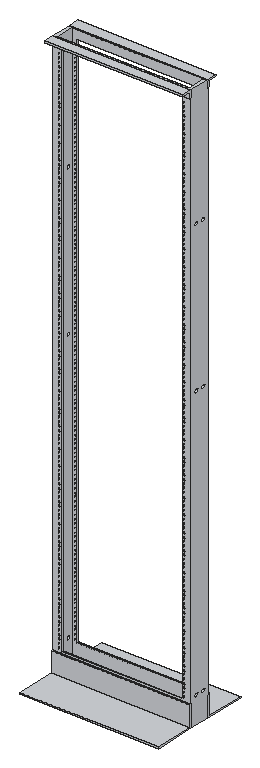
Revit family
Parameters
  Material ID = "760090118"
  Description = "3 IN (76 MM) CHANNEL x 7 FT (2134 MM) H - 19 IN (482.6 MM) STEEL EQUIPMENT RACK(45U) 3/8 SQ PUNCH, BLACK \r\n"
Reference planes (in)
  plane 1 "Center (Front/Back)": y = 0
  plane 2: z = 0
  plane 3 "Center (Left/Right)": x = 0
Forms (in)
  Extrusion 1, solid, not visible
    sketch origin (0, -14.305, 0) x (1, 0, 0) y (0, 0, 1)
      loop
        line (-8.5516, 0.86) -> (-8.5516, 0.46) -> (-7.9516, 0.46) -> (-7.9516, 0.86) -> (-8.5516, 0.86)
    from 0 to 0.77696
  Extrusion 2, solid
    sketch origin (0, 0, 0) x (1, 0, 0) y (0, 0, 1)
      loop
        line (-10.155, 30) -> (-10.155, -54) -> (10.155, -54) -> (10.155, 30) -> (0, 30) -> (-10.155, 30)
    from 0 to 36
  Extrusion 3, void
    sketch origin (0, 0, 0) x (1, 0, 0) y (0, 0, 1)
      loop
        line (-8.905, 28.735) -> (-8.905, -50.62) -> (8.905, -50.62) -> (8.905, 28.735) -> (-8.905, 28.735)
    from 0 to 36
  Extrusion 4, void
    sketch origin (0, 0, 0) x (0, 1, 0) y (0, 0, 1)
      loop
        line (-3, 32.8) -> (-38, 32.8) -> (-38, -58.24657) -> (-3, -58.24657) -> (-3, 32.8)
    from -31.70377 to 25
  Extrusion 5, void
    sketch origin (0, 0, 0) x (0, 1, 0) y (0, 0, 1)
      loop
        line (-0.2, 59.72052) -> (-2.8, 59.72052) -> (-2.8, -66.46573) -> (-0.2, -66.46573) -> (-0.2, 59.72052)
    from -9.61605 to 9.71756
  Extrusion 6, solid
    sketch origin (0, 0, -24) x (0, 1, 0) y (0, 0, 1)
      loop
        line (-3, -30) -> (-3, -26.8) -> (-3.2, -26.8) -> (-3.2, -29.8) -> (-9, -29.8) -> (-9, -30) -> (-3, -30)
      loop
        line (-3, 54) -> (-4.575, 54) -> (-4.575, 53.8) -> (-3.2, 53.8) -> (-3.2, 52.94396) -> (-3, 52.94396) -> (-3, 54)
      loop
        line (0, 54) -> (0, 52.94396) -> (0.2, 52.94396) -> (0.2, 53.8) -> (1.575, 53.8) -> (1.575, 54) -> (0, 54)
      loop
        line (0, -30) -> (6, -30) -> (6, -29.8) -> (0.2, -29.8) -> (0.2, -26.8) -> (0, -26.8) -> (0, -30)
    from -10.155 to 10.155
  Extrusion 7, void
    sketch origin (0, 0, 0) x (0, 1, 0) y (0, 0, 1)
      loop
        circle (-33.875, -50) r 0.335
      loop
        circle (-35.125, -50) r 0.335
      loop
        circle (-33.875, -10) r 0.335
      loop
        circle (-35.125, -10) r 0.335
      loop
        circle (-33.875, 12) r 0.335
      loop
        circle (-35.125, 12) r 0.335
      loop
        circle (-33.875, 51) r 0.335
      loop
        circle (-35.125, 51) r 0.335
      loop
        circle (-0.875, -50) r 0.335
      loop
        circle (-2.125, -50) r 0.335
      loop
        circle (-0.875, -10) r 0.335
      loop
        circle (-2.125, -10) r 0.335
      loop
        circle (-0.875, 12) r 0.335
      loop
        circle (-2.125, 12) r 0.335
      loop
        circle (-0.875, 51) r 0.335
      loop
        circle (-2.125, 51) r 0.335
    from -24.88707 to 25.18322
  Extrusion 8, void
    sketch origin (0, 0, -24.5) x (1, 0, 0) y (0, 0, 1)
      loop
        line (-9.175, 52.604) -> (-9.264, 52.604) -> (-9.264, 52.515) -> (-9.264, 52.426) -> (-9.175, 52.426) -> (-9.086, 52.426) -> (-9.086, 52.604) -> (-9.175, 52.604)
      loop
        line (-9.175, 51.979) -> (-9.264, 51.979) -> (-9.264, 51.89) -> (-9.264, 51.801) -> (-9.175, 51.801) -> (-9.086, 51.801) -> (-9.086, 51.979) -> (-9.175, 51.979)
      loop
        line (-9.175, 51.354) -> (-9.264, 51.354) -> (-9.264, 51.265) -> (-9.264, 51.176) -> (-9.175, 51.176) -> (-9.086, 51.176) -> (-9.086, 51.354) -> (-9.175, 51.354)
      loop
        line (9.175, 52.604) -> (9.086, 52.604) -> (9.086, 52.426) -> (9.175, 52.426) -> (9.264, 52.426) -> (9.264, 52.515) -> (9.264, 52.604) -> (9.175, 52.604)
      loop
        line (9.175, 51.979) -> (9.086, 51.979) -> (9.086, 51.801) -> (9.175, 51.801) -> (9.264, 51.801) -> (9.264, 51.89) -> (9.264, 51.979) -> (9.175, 51.979)
      loop
        line (9.175, 51.354) -> (9.086, 51.354) -> (9.086, 51.176) -> (9.175, 51.176) -> (9.264, 51.176) -> (9.264, 51.265) -> (9.264, 51.354) -> (9.175, 51.354)
    from 0 to 36
  Extrusion 9, void
    sketch origin (0, 0, -28) x (1, 0, 0) y (0, 0, 1)
      loop
        circle (-9.175, 52.515) r 0.089
      loop
        circle (-9.175, 51.89) r 0.089
      loop
        circle (-9.175, 51.265) r 0.089
      loop
        circle (9.175, 52.515) r 0.089
      loop
        circle (9.175, 51.89) r 0.089
      loop
        circle (9.175, 51.265) r 0.089
    from 0 to 36
  Extrusion 10, void
    sketch origin (0, 0, -29.75) x (1, 0, 0) y (0, 0, 1)
      loop
        circle (-9.175, 52.515) r 0.089
      loop
        circle (-9.175, 51.89) r 0.089
      loop
        circle (-9.175, 51.265) r 0.089
      loop
        circle (9.175, 52.515) r 0.089
      loop
        circle (9.175, 51.89) r 0.089
      loop
        circle (9.175, 51.265) r 0.089
    from 0 to 36
  Extrusion 11, void
    sketch origin (0, 0, -31.5) x (1, 0, 0) y (0, 0, 1)
      loop
        circle (-9.175, 52.515) r 0.089
      loop
        circle (-9.175, 51.89) r 0.089
      loop
        circle (-9.175, 51.265) r 0.089
      loop
        circle (9.175, 52.515) r 0.089
      loop
        circle (9.175, 51.89) r 0.089
      loop
        circle (9.175, 51.265) r 0.089
    from 0 to 36
  Extrusion 12, void
    sketch origin (0, 0, -33.25) x (1, 0, 0) y (0, 0, 1)
      loop
        circle (-9.175, 52.515) r 0.089
      loop
        circle (-9.175, 51.89) r 0.089
      loop
        circle (-9.175, 51.265) r 0.089
      loop
        circle (9.175, 52.515) r 0.089
      loop
        circle (9.175, 51.89) r 0.089
      loop
        circle (9.175, 51.265) r 0.089
    from 0 to 36
  Extrusion 13, void
    sketch origin (0, 0, -35) x (1, 0, 0) y (0, 0, 1)
      loop
        circle (-9.175, 52.515) r 0.089
      loop
        circle (-9.175, 51.89) r 0.089
      loop
        circle (-9.175, 51.265) r 0.089
      loop
        circle (9.175, 52.515) r 0.089
      loop
        circle (9.175, 51.89) r 0.089
      loop
        circle (9.175, 51.265) r 0.089
    from 0 to 36
  Extrusion 14, void
    sketch origin (0, 0, -36.75) x (1, 0, 0) y (0, 0, 1)
      loop
        circle (-9.175, 52.515) r 0.089
      loop
        circle (-9.175, 51.89) r 0.089
      loop
        circle (-9.175, 51.265) r 0.089
      loop
        circle (9.175, 52.515) r 0.089
      loop
        circle (9.175, 51.89) r 0.089
      loop
        circle (9.175, 51.265) r 0.089
    from 0 to 36
  Extrusion 15, void
    sketch origin (0, 0, -38.5) x (1, 0, 0) y (0, 0, 1)
      loop
        circle (-9.175, 52.515) r 0.089
      loop
        circle (-9.175, 51.89) r 0.089
      loop
        circle (-9.175, 51.265) r 0.089
      loop
        circle (9.175, 52.515) r 0.089
      loop
        circle (9.175, 51.89) r 0.089
      loop
        circle (9.175, 51.265) r 0.089
    from 0 to 36
  Extrusion 16, void
    sketch origin (0, 0, -40.25) x (1, 0, 0) y (0, 0, 1)
      loop
        circle (-9.175, 52.515) r 0.089
      loop
        circle (-9.175, 51.89) r 0.089
      loop
        circle (-9.175, 51.265) r 0.089
      loop
        circle (9.175, 52.515) r 0.089
      loop
        circle (9.175, 51.89) r 0.089
      loop
        circle (9.175, 51.265) r 0.089
    from 0 to 36
  Extrusion 17, void
    sketch origin (0, 0, -42) x (1, 0, 0) y (0, 0, 1)
      loop
        circle (-9.175, 52.515) r 0.089
      loop
        circle (-9.175, 51.89) r 0.089
      loop
        circle (-9.175, 51.265) r 0.089
      loop
        circle (9.175, 52.515) r 0.089
      loop
        circle (9.175, 51.89) r 0.089
      loop
        circle (9.175, 51.265) r 0.089
    from 0 to 36
  Extrusion 18, void
    sketch origin (0, 0, -43.75) x (1, 0, 0) y (0, 0, 1)
      loop
        circle (-9.175, 52.515) r 0.089
      loop
        circle (-9.175, 51.89) r 0.089
      loop
        circle (-9.175, 51.265) r 0.089
      loop
        circle (9.175, 52.515) r 0.089
      loop
        circle (9.175, 51.89) r 0.089
      loop
        circle (9.175, 51.265) r 0.089
    from 0 to 36
  Extrusion 19, void
    sketch origin (0, 0, -45.5) x (1, 0, 0) y (0, 0, 1)
      loop
        circle (-9.175, 52.515) r 0.089
      loop
        circle (-9.175, 51.89) r 0.089
      loop
        circle (-9.175, 51.265) r 0.089
      loop
        circle (9.175, 52.515) r 0.089
      loop
        circle (9.175, 51.89) r 0.089
      loop
        circle (9.175, 51.265) r 0.089
    from 0 to 36
  Extrusion 20, void
    sketch origin (0, 0, -47.25) x (1, 0, 0) y (0, 0, 1)
      loop
        circle (-9.175, 52.515) r 0.089
      loop
        circle (-9.175, 51.89) r 0.089
      loop
        circle (-9.175, 51.265) r 0.089
      loop
        circle (9.175, 52.515) r 0.089
      loop
        circle (9.175, 51.89) r 0.089
      loop
        circle (9.175, 51.265) r 0.089
    from 0 to 36
  Extrusion 21, void
    sketch origin (0, 0, -49) x (1, 0, 0) y (0, 0, 1)
      loop
        circle (-9.175, 52.515) r 0.089
      loop
        circle (-9.175, 51.89) r 0.089
      loop
        circle (-9.175, 51.265) r 0.089
      loop
        circle (9.175, 52.515) r 0.089
      loop
        circle (9.175, 51.89) r 0.089
      loop
        circle (9.175, 51.265) r 0.089
    from 0 to 36
  Extrusion 22, void
    sketch origin (0, 0, -50.75) x (1, 0, 0) y (0, 0, 1)
      loop
        circle (-9.175, 52.515) r 0.089
      loop
        circle (-9.175, 51.89) r 0.089
      loop
        circle (-9.175, 51.265) r 0.089
      loop
        circle (9.175, 52.515) r 0.089
      loop
        circle (9.175, 51.89) r 0.089
      loop
        circle (9.175, 51.265) r 0.089
    from 0 to 36
  Extrusion 23, void
    sketch origin (0, 0, -52.5) x (1, 0, 0) y (0, 0, 1)
      loop
        circle (-9.175, 52.515) r 0.089
      loop
        circle (-9.175, 51.89) r 0.089
      loop
        circle (-9.175, 51.265) r 0.089
      loop
        circle (9.175, 52.515) r 0.089
      loop
        circle (9.175, 51.89) r 0.089
      loop
        circle (9.175, 51.265) r 0.089
    from 0 to 36
  Extrusion 24, void
    sketch origin (0, 0, -54.25) x (1, 0, 0) y (0, 0, 1)
      loop
        circle (-9.175, 52.515) r 0.089
      loop
        circle (-9.175, 51.89) r 0.089
      loop
        circle (-9.175, 51.265) r 0.089
      loop
        circle (9.175, 52.515) r 0.089
      loop
        circle (9.175, 51.89) r 0.089
      loop
        circle (9.175, 51.265) r 0.089
    from 0 to 36
  Extrusion 25, void
    sketch origin (0, 0, -56) x (1, 0, 0) y (0, 0, 1)
      loop
        circle (-9.175, 52.515) r 0.089
      loop
        circle (-9.175, 51.89) r 0.089
      loop
        circle (-9.175, 51.265) r 0.089
      loop
        circle (9.175, 52.515) r 0.089
      loop
        circle (9.175, 51.89) r 0.089
      loop
        circle (9.175, 51.265) r 0.089
    from 0 to 36
  Extrusion 26, void
    sketch origin (0, 0, -57.75) x (1, 0, 0) y (0, 0, 1)
      loop
        circle (-9.175, 52.515) r 0.089
      loop
        circle (-9.175, 51.89) r 0.089
      loop
        circle (-9.175, 51.265) r 0.089
      loop
        circle (9.175, 52.515) r 0.089
      loop
        circle (9.175, 51.89) r 0.089
      loop
        circle (9.175, 51.265) r 0.089
    from 0 to 36
  Extrusion 27, void
    sketch origin (0, 0, -59.5) x (1, 0, 0) y (0, 0, 1)
      loop
        circle (-9.175, 52.515) r 0.089
      loop
        circle (-9.175, 51.89) r 0.089
      loop
        circle (-9.175, 51.265) r 0.089
      loop
        circle (9.175, 52.515) r 0.089
      loop
        circle (9.175, 51.89) r 0.089
      loop
        circle (9.175, 51.265) r 0.089
    from 0 to 36
  Extrusion 28, void
    sketch origin (0, 0, -61.25) x (1, 0, 0) y (0, 0, 1)
      loop
        circle (-9.175, 52.515) r 0.089
      loop
        circle (-9.175, 51.89) r 0.089
      loop
        circle (-9.175, 51.265) r 0.089
      loop
        circle (9.175, 52.515) r 0.089
      loop
        circle (9.175, 51.89) r 0.089
      loop
        circle (9.175, 51.265) r 0.089
    from 0 to 36
  Extrusion 29, void
    sketch origin (0, 0, -63) x (1, 0, 0) y (0, 0, 1)
      loop
        circle (-9.175, 52.515) r 0.089
      loop
        circle (-9.175, 51.89) r 0.089
      loop
        circle (-9.175, 51.265) r 0.089
      loop
        circle (9.175, 52.515) r 0.089
      loop
        circle (9.175, 51.89) r 0.089
      loop
        circle (9.175, 51.265) r 0.089
    from 0 to 36
  Extrusion 30, void
    sketch origin (0, 0, -64.75) x (1, 0, 0) y (0, 0, 1)
      loop
        circle (-9.175, 52.515) r 0.089
      loop
        circle (-9.175, 51.89) r 0.089
      loop
        circle (-9.175, 51.265) r 0.089
      loop
        circle (9.175, 52.515) r 0.089
      loop
        circle (9.175, 51.89) r 0.089
      loop
        circle (9.175, 51.265) r 0.089
    from 0 to 36
  Extrusion 31, void
    sketch origin (0, 0, -66.5) x (1, 0, 0) y (0, 0, 1)
      loop
        circle (-9.175, 52.515) r 0.089
      loop
        circle (-9.175, 51.89) r 0.089
      loop
        circle (-9.175, 51.265) r 0.089
      loop
        circle (9.175, 52.515) r 0.089
      loop
        circle (9.175, 51.89) r 0.089
      loop
        circle (9.175, 51.265) r 0.089
    from 0 to 36
  Extrusion 32, void
    sketch origin (0, 0, -68.25) x (1, 0, 0) y (0, 0, 1)
      loop
        circle (-9.175, 52.515) r 0.089
      loop
        circle (-9.175, 51.89) r 0.089
      loop
        circle (-9.175, 51.265) r 0.089
      loop
        circle (9.175, 52.515) r 0.089
      loop
        circle (9.175, 51.89) r 0.089
      loop
        circle (9.175, 51.265) r 0.089
    from 0 to 36
  Extrusion 33, void
    sketch origin (0, 0, -70) x (1, 0, 0) y (0, 0, 1)
      loop
        circle (-9.175, 52.515) r 0.089
      loop
        circle (-9.175, 51.89) r 0.089
      loop
        circle (-9.175, 51.265) r 0.089
      loop
        circle (9.175, 52.515) r 0.089
      loop
        circle (9.175, 51.89) r 0.089
      loop
        circle (9.175, 51.265) r 0.089
    from 0 to 36
  Extrusion 34, void
    sketch origin (0, 0, -71.75) x (1, 0, 0) y (0, 0, 1)
      loop
        circle (-9.175, 52.515) r 0.089
      loop
        circle (-9.175, 51.89) r 0.089
      loop
        circle (-9.175, 51.265) r 0.089
      loop
        circle (9.175, 52.515) r 0.089
      loop
        circle (9.175, 51.89) r 0.089
      loop
        circle (9.175, 51.265) r 0.089
    from 0 to 36
  Extrusion 35, void
    sketch origin (0, 0, -73.5) x (1, 0, 0) y (0, 0, 1)
      loop
        circle (-9.175, 52.515) r 0.089
      loop
        circle (-9.175, 51.89) r 0.089
      loop
        circle (-9.175, 51.265) r 0.089
      loop
        circle (9.175, 52.515) r 0.089
      loop
        circle (9.175, 51.89) r 0.089
      loop
        circle (9.175, 51.265) r 0.089
    from 0 to 36
  Extrusion 36, void
    sketch origin (0, 0, -75.25) x (1, 0, 0) y (0, 0, 1)
      loop
        circle (-9.175, 52.515) r 0.089
      loop
        circle (-9.175, 51.89) r 0.089
      loop
        circle (-9.175, 51.265) r 0.089
      loop
        circle (9.175, 52.515) r 0.089
      loop
        circle (9.175, 51.89) r 0.089
      loop
        circle (9.175, 51.265) r 0.089
    from 0 to 36
  Extrusion 37, void
    sketch origin (0, 0, -77) x (1, 0, 0) y (0, 0, 1)
      loop
        circle (-9.175, 52.515) r 0.089
      loop
        circle (-9.175, 51.89) r 0.089
      loop
        circle (-9.175, 51.265) r 0.089
      loop
        circle (9.175, 52.515) r 0.089
      loop
        circle (9.175, 51.89) r 0.089
      loop
        circle (9.175, 51.265) r 0.089
    from 0 to 36
  Extrusion 38, void
    sketch origin (0, 0, -78.75) x (1, 0, 0) y (0, 0, 1)
      loop
        circle (-9.175, 52.515) r 0.089
      loop
        circle (-9.175, 51.89) r 0.089
      loop
        circle (-9.175, 51.265) r 0.089
      loop
        circle (9.175, 52.515) r 0.089
      loop
        circle (9.175, 51.89) r 0.089
      loop
        circle (9.175, 51.265) r 0.089
    from 0 to 36
  Extrusion 39, void
    sketch origin (0, 0, -80.5) x (1, 0, 0) y (0, 0, 1)
      loop
        circle (-9.175, 52.515) r 0.089
      loop
        circle (-9.175, 51.89) r 0.089
      loop
        circle (-9.175, 51.265) r 0.089
      loop
        circle (9.175, 52.515) r 0.089
      loop
        circle (9.175, 51.89) r 0.089
      loop
        circle (9.175, 51.265) r 0.089
    from 0 to 36
  Extrusion 40, void
    sketch origin (0, 0, -82.25) x (1, 0, 0) y (0, 0, 1)
      loop
        circle (-9.175, 52.515) r 0.089
      loop
        circle (-9.175, 51.89) r 0.089
      loop
        circle (-9.175, 51.265) r 0.089
      loop
        circle (9.175, 52.515) r 0.089
      loop
        circle (9.175, 51.89) r 0.089
      loop
        circle (9.175, 51.265) r 0.089
    from 0 to 36
  Extrusion 41, void
    sketch origin (0, 0, -84) x (1, 0, 0) y (0, 0, 1)
      loop
        circle (-9.175, 52.515) r 0.089
      loop
        circle (-9.175, 51.89) r 0.089
      loop
        circle (-9.175, 51.265) r 0.089
      loop
        circle (9.175, 52.515) r 0.089
      loop
        circle (9.175, 51.89) r 0.089
      loop
        circle (9.175, 51.265) r 0.089
    from 0 to 36
  Extrusion 42, void
    sketch origin (0, 0, -85.75) x (1, 0, 0) y (0, 0, 1)
      loop
        circle (-9.175, 52.515) r 0.089
      loop
        circle (-9.175, 51.89) r 0.089
      loop
        circle (-9.175, 51.265) r 0.089
      loop
        circle (9.175, 52.515) r 0.089
      loop
        circle (9.175, 51.89) r 0.089
      loop
        circle (9.175, 51.265) r 0.089
    from 0 to 36
  Extrusion 43, void
    sketch origin (0, 0, -87.5) x (1, 0, 0) y (0, 0, 1)
      loop
        circle (-9.175, 52.515) r 0.089
      loop
        circle (-9.175, 51.89) r 0.089
      loop
        circle (-9.175, 51.265) r 0.089
      loop
        circle (9.175, 52.515) r 0.089
      loop
        circle (9.175, 51.89) r 0.089
      loop
        circle (9.175, 51.265) r 0.089
    from 0 to 36
  Extrusion 44, void
    sketch origin (0, 0, -89.25) x (1, 0, 0) y (0, 0, 1)
      loop
        circle (-9.175, 52.515) r 0.089
      loop
        circle (-9.175, 51.89) r 0.089
      loop
        circle (-9.175, 51.265) r 0.089
      loop
        circle (9.175, 52.515) r 0.089
      loop
        circle (9.175, 51.89) r 0.089
      loop
        circle (9.175, 51.265) r 0.089
    from 0 to 36
  Extrusion 45, void
    sketch origin (0, 0, -91) x (1, 0, 0) y (0, 0, 1)
      loop
        circle (-9.175, 52.515) r 0.089
      loop
        circle (-9.175, 51.89) r 0.089
      loop
        circle (-9.175, 51.265) r 0.089
      loop
        circle (9.175, 52.515) r 0.089
      loop
        circle (9.175, 51.89) r 0.089
      loop
        circle (9.175, 51.265) r 0.089
    from 0 to 36
  Extrusion 46, void
    sketch origin (0, 0, -92.75) x (1, 0, 0) y (0, 0, 1)
      loop
        circle (-9.175, 52.515) r 0.089
      loop
        circle (-9.175, 51.89) r 0.089
      loop
        circle (-9.175, 51.265) r 0.089
      loop
        circle (9.175, 52.515) r 0.089
      loop
        circle (9.175, 51.89) r 0.089
      loop
        circle (9.175, 51.265) r 0.089
    from 0 to 36
  Extrusion 47, void
    sketch origin (0, 0, -94.5) x (1, 0, 0) y (0, 0, 1)
      loop
        circle (-9.175, 52.515) r 0.089
      loop
        circle (-9.175, 51.89) r 0.089
      loop
        circle (-9.175, 51.265) r 0.089
      loop
        circle (9.175, 52.515) r 0.089
      loop
        circle (9.175, 51.89) r 0.089
      loop
        circle (9.175, 51.265) r 0.089
    from 0 to 36
  Extrusion 48, void
    sketch origin (0, 0, -96.25) x (1, 0, 0) y (0, 0, 1)
      loop
        circle (-9.175, 52.515) r 0.089
      loop
        circle (-9.175, 51.89) r 0.089
      loop
        circle (-9.175, 51.265) r 0.089
      loop
        circle (9.175, 52.515) r 0.089
      loop
        circle (9.175, 51.89) r 0.089
      loop
        circle (9.175, 51.265) r 0.089
    from 0 to 36
  Extrusion 49, void
    sketch origin (0, 0, -98) x (1, 0, 0) y (0, 0, 1)
      loop
        circle (-9.175, 52.515) r 0.089
      loop
        circle (-9.175, 51.89) r 0.089
      loop
        circle (-9.175, 51.265) r 0.089
      loop
        circle (9.175, 52.515) r 0.089
      loop
        circle (9.175, 51.89) r 0.089
      loop
        circle (9.175, 51.265) r 0.089
    from 0 to 36
  Extrusion 50, void
    sketch origin (0, 0, -99.75) x (1, 0, 0) y (0, 0, 1)
      loop
        circle (-9.175, 52.515) r 0.089
      loop
        circle (-9.175, 51.89) r 0.089
      loop
        circle (-9.175, 51.265) r 0.089
      loop
        circle (9.175, 52.515) r 0.089
      loop
        circle (9.175, 51.89) r 0.089
      loop
        circle (9.175, 51.265) r 0.089
    from 0 to 36
  Extrusion 51, void
    sketch origin (0, 0, -101.5) x (1, 0, 0) y (0, 0, 1)
      loop
        circle (-9.175, 52.515) r 0.089
      loop
        circle (-9.175, 51.89) r 0.089
      loop
        circle (-9.175, 51.265) r 0.089
      loop
        circle (9.175, 52.515) r 0.089
      loop
        circle (9.175, 51.89) r 0.089
      loop
        circle (9.175, 51.265) r 0.089
    from 0 to 36
  Extrusion 52, void
    sketch origin (0, 0, -26.25) x (1, 0, 0) y (0, 0, 1)
      loop
        line (-9.175, 52.604) -> (-9.264, 52.604) -> (-9.264, 52.515) -> (-9.264, 52.426) -> (-9.175, 52.426) -> (-9.086, 52.426) -> (-9.086, 52.604) -> (-9.175, 52.604)
      loop
        line (-9.175, 51.979) -> (-9.264, 51.979) -> (-9.264, 51.89) -> (-9.264, 51.801) -> (-9.175, 51.801) -> (-9.086, 51.801) -> (-9.086, 51.979) -> (-9.175, 51.979)
      loop
        line (-9.175, 51.354) -> (-9.264, 51.354) -> (-9.264, 51.265) -> (-9.264, 51.176) -> (-9.175, 51.176) -> (-9.086, 51.176) -> (-9.086, 51.354) -> (-9.175, 51.354)
      loop
        line (9.175, 52.604) -> (9.086, 52.604) -> (9.086, 52.426) -> (9.175, 52.426) -> (9.264, 52.426) -> (9.264, 52.515) -> (9.264, 52.604) -> (9.175, 52.604)
      loop
        line (9.175, 51.979) -> (9.086, 51.979) -> (9.086, 51.801) -> (9.175, 51.801) -> (9.264, 51.801) -> (9.264, 51.89) -> (9.264, 51.979) -> (9.175, 51.979)
      loop
        line (9.175, 51.354) -> (9.086, 51.354) -> (9.086, 51.176) -> (9.175, 51.176) -> (9.264, 51.176) -> (9.264, 51.265) -> (9.264, 51.354) -> (9.175, 51.354)
    from 0 to 36
  Extrusion 53, void
    sketch origin (0, 0, -28) x (1, 0, 0) y (0, 0, 1)
      loop
        line (-9.175, 52.604) -> (-9.264, 52.604) -> (-9.264, 52.515) -> (-9.264, 52.426) -> (-9.175, 52.426) -> (-9.086, 52.426) -> (-9.086, 52.604) -> (-9.175, 52.604)
      loop
        line (-9.175, 51.979) -> (-9.264, 51.979) -> (-9.264, 51.89) -> (-9.264, 51.801) -> (-9.175, 51.801) -> (-9.086, 51.801) -> (-9.086, 51.979) -> (-9.175, 51.979)
      loop
        line (-9.175, 51.354) -> (-9.264, 51.354) -> (-9.264, 51.265) -> (-9.264, 51.176) -> (-9.175, 51.176) -> (-9.086, 51.176) -> (-9.086, 51.354) -> (-9.175, 51.354)
      loop
        line (9.175, 52.604) -> (9.086, 52.604) -> (9.086, 52.426) -> (9.175, 52.426) -> (9.264, 52.426) -> (9.264, 52.515) -> (9.264, 52.604) -> (9.175, 52.604)
      loop
        line (9.175, 51.979) -> (9.086, 51.979) -> (9.086, 51.801) -> (9.175, 51.801) -> (9.264, 51.801) -> (9.264, 51.89) -> (9.264, 51.979) -> (9.175, 51.979)
      loop
        line (9.175, 51.354) -> (9.086, 51.354) -> (9.086, 51.176) -> (9.175, 51.176) -> (9.264, 51.176) -> (9.264, 51.265) -> (9.264, 51.354) -> (9.175, 51.354)
    from 0 to 36
  Extrusion 54, void
    sketch origin (0, 0, -29.75) x (1, 0, 0) y (0, 0, 1)
      loop
        line (-9.175, 52.604) -> (-9.264, 52.604) -> (-9.264, 52.515) -> (-9.264, 52.426) -> (-9.175, 52.426) -> (-9.086, 52.426) -> (-9.086, 52.604) -> (-9.175, 52.604)
      loop
        line (-9.175, 51.979) -> (-9.264, 51.979) -> (-9.264, 51.89) -> (-9.264, 51.801) -> (-9.175, 51.801) -> (-9.086, 51.801) -> (-9.086, 51.979) -> (-9.175, 51.979)
      loop
        line (-9.175, 51.354) -> (-9.264, 51.354) -> (-9.264, 51.265) -> (-9.264, 51.176) -> (-9.175, 51.176) -> (-9.086, 51.176) -> (-9.086, 51.354) -> (-9.175, 51.354)
      loop
        line (9.175, 52.604) -> (9.086, 52.604) -> (9.086, 52.426) -> (9.175, 52.426) -> (9.264, 52.426) -> (9.264, 52.515) -> (9.264, 52.604) -> (9.175, 52.604)
      loop
        line (9.175, 51.979) -> (9.086, 51.979) -> (9.086, 51.801) -> (9.175, 51.801) -> (9.264, 51.801) -> (9.264, 51.89) -> (9.264, 51.979) -> (9.175, 51.979)
      loop
        line (9.175, 51.354) -> (9.086, 51.354) -> (9.086, 51.176) -> (9.175, 51.176) -> (9.264, 51.176) -> (9.264, 51.265) -> (9.264, 51.354) -> (9.175, 51.354)
    from 0 to 36
  Extrusion 55, void
    sketch origin (0, 0, -31.5) x (1, 0, 0) y (0, 0, 1)
      loop
        line (-9.175, 52.604) -> (-9.264, 52.604) -> (-9.264, 52.515) -> (-9.264, 52.426) -> (-9.175, 52.426) -> (-9.086, 52.426) -> (-9.086, 52.604) -> (-9.175, 52.604)
      loop
        line (-9.175, 51.979) -> (-9.264, 51.979) -> (-9.264, 51.89) -> (-9.264, 51.801) -> (-9.175, 51.801) -> (-9.086, 51.801) -> (-9.086, 51.979) -> (-9.175, 51.979)
      loop
        line (-9.175, 51.354) -> (-9.264, 51.354) -> (-9.264, 51.265) -> (-9.264, 51.176) -> (-9.175, 51.176) -> (-9.086, 51.176) -> (-9.086, 51.354) -> (-9.175, 51.354)
      loop
        line (9.175, 52.604) -> (9.086, 52.604) -> (9.086, 52.426) -> (9.175, 52.426) -> (9.264, 52.426) -> (9.264, 52.515) -> (9.264, 52.604) -> (9.175, 52.604)
      loop
        line (9.175, 51.979) -> (9.086, 51.979) -> (9.086, 51.801) -> (9.175, 51.801) -> (9.264, 51.801) -> (9.264, 51.89) -> (9.264, 51.979) -> (9.175, 51.979)
      loop
        line (9.175, 51.354) -> (9.086, 51.354) -> (9.086, 51.176) -> (9.175, 51.176) -> (9.264, 51.176) -> (9.264, 51.265) -> (9.264, 51.354) -> (9.175, 51.354)
    from 0 to 36
  Extrusion 56, void
    sketch origin (0, 0, -33.25) x (1, 0, 0) y (0, 0, 1)
      loop
        line (-9.175, 52.604) -> (-9.264, 52.604) -> (-9.264, 52.515) -> (-9.264, 52.426) -> (-9.175, 52.426) -> (-9.086, 52.426) -> (-9.086, 52.604) -> (-9.175, 52.604)
      loop
        line (-9.175, 51.979) -> (-9.264, 51.979) -> (-9.264, 51.89) -> (-9.264, 51.801) -> (-9.175, 51.801) -> (-9.086, 51.801) -> (-9.086, 51.979) -> (-9.175, 51.979)
      loop
        line (-9.175, 51.354) -> (-9.264, 51.354) -> (-9.264, 51.265) -> (-9.264, 51.176) -> (-9.175, 51.176) -> (-9.086, 51.176) -> (-9.086, 51.354) -> (-9.175, 51.354)
      loop
        line (9.175, 52.604) -> (9.086, 52.604) -> (9.086, 52.426) -> (9.175, 52.426) -> (9.264, 52.426) -> (9.264, 52.515) -> (9.264, 52.604) -> (9.175, 52.604)
      loop
        line (9.175, 51.979) -> (9.086, 51.979) -> (9.086, 51.801) -> (9.175, 51.801) -> (9.264, 51.801) -> (9.264, 51.89) -> (9.264, 51.979) -> (9.175, 51.979)
      loop
        line (9.175, 51.354) -> (9.086, 51.354) -> (9.086, 51.176) -> (9.175, 51.176) -> (9.264, 51.176) -> (9.264, 51.265) -> (9.264, 51.354) -> (9.175, 51.354)
    from 0 to 36
  Extrusion 57, void
    sketch origin (0, 0, -35) x (1, 0, 0) y (0, 0, 1)
      loop
        line (-9.175, 52.604) -> (-9.264, 52.604) -> (-9.264, 52.515) -> (-9.264, 52.426) -> (-9.175, 52.426) -> (-9.086, 52.426) -> (-9.086, 52.604) -> (-9.175, 52.604)
      loop
        line (-9.175, 51.979) -> (-9.264, 51.979) -> (-9.264, 51.89) -> (-9.264, 51.801) -> (-9.175, 51.801) -> (-9.086, 51.801) -> (-9.086, 51.979) -> (-9.175, 51.979)
      loop
        line (-9.175, 51.354) -> (-9.264, 51.354) -> (-9.264, 51.265) -> (-9.264, 51.176) -> (-9.175, 51.176) -> (-9.086, 51.176) -> (-9.086, 51.354) -> (-9.175, 51.354)
      loop
        line (9.175, 52.604) -> (9.086, 52.604) -> (9.086, 52.426) -> (9.175, 52.426) -> (9.264, 52.426) -> (9.264, 52.515) -> (9.264, 52.604) -> (9.175, 52.604)
      loop
        line (9.175, 51.979) -> (9.086, 51.979) -> (9.086, 51.801) -> (9.175, 51.801) -> (9.264, 51.801) -> (9.264, 51.89) -> (9.264, 51.979) -> (9.175, 51.979)
      loop
        line (9.175, 51.354) -> (9.086, 51.354) -> (9.086, 51.176) -> (9.175, 51.176) -> (9.264, 51.176) -> (9.264, 51.265) -> (9.264, 51.354) -> (9.175, 51.354)
    from 0 to 36
  Extrusion 58, void
    sketch origin (0, 0, -36.75) x (1, 0, 0) y (0, 0, 1)
      loop
        line (-9.175, 52.604) -> (-9.264, 52.604) -> (-9.264, 52.515) -> (-9.264, 52.426) -> (-9.175, 52.426) -> (-9.086, 52.426) -> (-9.086, 52.604) -> (-9.175, 52.604)
      loop
        line (-9.175, 51.979) -> (-9.264, 51.979) -> (-9.264, 51.89) -> (-9.264, 51.801) -> (-9.175, 51.801) -> (-9.086, 51.801) -> (-9.086, 51.979) -> (-9.175, 51.979)
      loop
        line (-9.175, 51.354) -> (-9.264, 51.354) -> (-9.264, 51.265) -> (-9.264, 51.176) -> (-9.175, 51.176) -> (-9.086, 51.176) -> (-9.086, 51.354) -> (-9.175, 51.354)
      loop
        line (9.175, 52.604) -> (9.086, 52.604) -> (9.086, 52.426) -> (9.175, 52.426) -> (9.264, 52.426) -> (9.264, 52.515) -> (9.264, 52.604) -> (9.175, 52.604)
      loop
        line (9.175, 51.979) -> (9.086, 51.979) -> (9.086, 51.801) -> (9.175, 51.801) -> (9.264, 51.801) -> (9.264, 51.89) -> (9.264, 51.979) -> (9.175, 51.979)
      loop
        line (9.175, 51.354) -> (9.086, 51.354) -> (9.086, 51.176) -> (9.175, 51.176) -> (9.264, 51.176) -> (9.264, 51.265) -> (9.264, 51.354) -> (9.175, 51.354)
    from 0 to 36
  Extrusion 59, void
    sketch origin (0, 0, -38.5) x (1, 0, 0) y (0, 0, 1)
      loop
        line (-9.175, 52.604) -> (-9.264, 52.604) -> (-9.264, 52.515) -> (-9.264, 52.426) -> (-9.175, 52.426) -> (-9.086, 52.426) -> (-9.086, 52.604) -> (-9.175, 52.604)
      loop
        line (-9.175, 51.979) -> (-9.264, 51.979) -> (-9.264, 51.89) -> (-9.264, 51.801) -> (-9.175, 51.801) -> (-9.086, 51.801) -> (-9.086, 51.979) -> (-9.175, 51.979)
      loop
        line (-9.175, 51.354) -> (-9.264, 51.354) -> (-9.264, 51.265) -> (-9.264, 51.176) -> (-9.175, 51.176) -> (-9.086, 51.176) -> (-9.086, 51.354) -> (-9.175, 51.354)
      loop
        line (9.175, 52.604) -> (9.086, 52.604) -> (9.086, 52.426) -> (9.175, 52.426) -> (9.264, 52.426) -> (9.264, 52.515) -> (9.264, 52.604) -> (9.175, 52.604)
      loop
        line (9.175, 51.979) -> (9.086, 51.979) -> (9.086, 51.801) -> (9.175, 51.801) -> (9.264, 51.801) -> (9.264, 51.89) -> (9.264, 51.979) -> (9.175, 51.979)
      loop
        line (9.175, 51.354) -> (9.086, 51.354) -> (9.086, 51.176) -> (9.175, 51.176) -> (9.264, 51.176) -> (9.264, 51.265) -> (9.264, 51.354) -> (9.175, 51.354)
    from 0 to 36
  Extrusion 60, void
    sketch origin (0, 0, -40.25) x (1, 0, 0) y (0, 0, 1)
      loop
        line (-9.175, 52.604) -> (-9.264, 52.604) -> (-9.264, 52.515) -> (-9.264, 52.426) -> (-9.175, 52.426) -> (-9.086, 52.426) -> (-9.086, 52.604) -> (-9.175, 52.604)
      loop
        line (-9.175, 51.979) -> (-9.264, 51.979) -> (-9.264, 51.89) -> (-9.264, 51.801) -> (-9.175, 51.801) -> (-9.086, 51.801) -> (-9.086, 51.979) -> (-9.175, 51.979)
      loop
        line (-9.175, 51.354) -> (-9.264, 51.354) -> (-9.264, 51.265) -> (-9.264, 51.176) -> (-9.175, 51.176) -> (-9.086, 51.176) -> (-9.086, 51.354) -> (-9.175, 51.354)
      loop
        line (9.175, 52.604) -> (9.086, 52.604) -> (9.086, 52.426) -> (9.175, 52.426) -> (9.264, 52.426) -> (9.264, 52.515) -> (9.264, 52.604) -> (9.175, 52.604)
      loop
        line (9.175, 51.979) -> (9.086, 51.979) -> (9.086, 51.801) -> (9.175, 51.801) -> (9.264, 51.801) -> (9.264, 51.89) -> (9.264, 51.979) -> (9.175, 51.979)
      loop
        line (9.175, 51.354) -> (9.086, 51.354) -> (9.086, 51.176) -> (9.175, 51.176) -> (9.264, 51.176) -> (9.264, 51.265) -> (9.264, 51.354) -> (9.175, 51.354)
    from 0 to 36
  Extrusion 61, void
    sketch origin (0, 0, -42) x (1, 0, 0) y (0, 0, 1)
      loop
        line (-9.175, 52.604) -> (-9.264, 52.604) -> (-9.264, 52.515) -> (-9.264, 52.426) -> (-9.175, 52.426) -> (-9.086, 52.426) -> (-9.086, 52.604) -> (-9.175, 52.604)
      loop
        line (-9.175, 51.979) -> (-9.264, 51.979) -> (-9.264, 51.89) -> (-9.264, 51.801) -> (-9.175, 51.801) -> (-9.086, 51.801) -> (-9.086, 51.979) -> (-9.175, 51.979)
      loop
        line (-9.175, 51.354) -> (-9.264, 51.354) -> (-9.264, 51.265) -> (-9.264, 51.176) -> (-9.175, 51.176) -> (-9.086, 51.176) -> (-9.086, 51.354) -> (-9.175, 51.354)
      loop
        line (9.175, 52.604) -> (9.086, 52.604) -> (9.086, 52.426) -> (9.175, 52.426) -> (9.264, 52.426) -> (9.264, 52.515) -> (9.264, 52.604) -> (9.175, 52.604)
      loop
        line (9.175, 51.979) -> (9.086, 51.979) -> (9.086, 51.801) -> (9.175, 51.801) -> (9.264, 51.801) -> (9.264, 51.89) -> (9.264, 51.979) -> (9.175, 51.979)
      loop
        line (9.175, 51.354) -> (9.086, 51.354) -> (9.086, 51.176) -> (9.175, 51.176) -> (9.264, 51.176) -> (9.264, 51.265) -> (9.264, 51.354) -> (9.175, 51.354)
    from 0 to 36
  Extrusion 62, void
    sketch origin (0, 0, -43.75) x (1, 0, 0) y (0, 0, 1)
      loop
        line (-9.175, 52.604) -> (-9.264, 52.604) -> (-9.264, 52.515) -> (-9.264, 52.426) -> (-9.175, 52.426) -> (-9.086, 52.426) -> (-9.086, 52.604) -> (-9.175, 52.604)
      loop
        line (-9.175, 51.979) -> (-9.264, 51.979) -> (-9.264, 51.89) -> (-9.264, 51.801) -> (-9.175, 51.801) -> (-9.086, 51.801) -> (-9.086, 51.979) -> (-9.175, 51.979)
      loop
        line (-9.175, 51.354) -> (-9.264, 51.354) -> (-9.264, 51.265) -> (-9.264, 51.176) -> (-9.175, 51.176) -> (-9.086, 51.176) -> (-9.086, 51.354) -> (-9.175, 51.354)
      loop
        line (9.175, 52.604) -> (9.086, 52.604) -> (9.086, 52.426) -> (9.175, 52.426) -> (9.264, 52.426) -> (9.264, 52.515) -> (9.264, 52.604) -> (9.175, 52.604)
      loop
        line (9.175, 51.979) -> (9.086, 51.979) -> (9.086, 51.801) -> (9.175, 51.801) -> (9.264, 51.801) -> (9.264, 51.89) -> (9.264, 51.979) -> (9.175, 51.979)
      loop
        line (9.175, 51.354) -> (9.086, 51.354) -> (9.086, 51.176) -> (9.175, 51.176) -> (9.264, 51.176) -> (9.264, 51.265) -> (9.264, 51.354) -> (9.175, 51.354)
    from 0 to 36
  Extrusion 63, void
    sketch origin (0, 0, -45.5) x (1, 0, 0) y (0, 0, 1)
      loop
        line (-9.175, 52.604) -> (-9.264, 52.604) -> (-9.264, 52.515) -> (-9.264, 52.426) -> (-9.175, 52.426) -> (-9.086, 52.426) -> (-9.086, 52.604) -> (-9.175, 52.604)
      loop
        line (-9.175, 51.979) -> (-9.264, 51.979) -> (-9.264, 51.89) -> (-9.264, 51.801) -> (-9.175, 51.801) -> (-9.086, 51.801) -> (-9.086, 51.979) -> (-9.175, 51.979)
      loop
        line (-9.175, 51.354) -> (-9.264, 51.354) -> (-9.264, 51.265) -> (-9.264, 51.176) -> (-9.175, 51.176) -> (-9.086, 51.176) -> (-9.086, 51.354) -> (-9.175, 51.354)
      loop
        line (9.175, 52.604) -> (9.086, 52.604) -> (9.086, 52.426) -> (9.175, 52.426) -> (9.264, 52.426) -> (9.264, 52.515) -> (9.264, 52.604) -> (9.175, 52.604)
      loop
        line (9.175, 51.979) -> (9.086, 51.979) -> (9.086, 51.801) -> (9.175, 51.801) -> (9.264, 51.801) -> (9.264, 51.89) -> (9.264, 51.979) -> (9.175, 51.979)
      loop
        line (9.175, 51.354) -> (9.086, 51.354) -> (9.086, 51.176) -> (9.175, 51.176) -> (9.264, 51.176) -> (9.264, 51.265) -> (9.264, 51.354) -> (9.175, 51.354)
    from 0 to 36
  Extrusion 64, void
    sketch origin (0, 0, -47.25) x (1, 0, 0) y (0, 0, 1)
      loop
        line (-9.175, 52.604) -> (-9.264, 52.604) -> (-9.264, 52.515) -> (-9.264, 52.426) -> (-9.175, 52.426) -> (-9.086, 52.426) -> (-9.086, 52.604) -> (-9.175, 52.604)
      loop
        line (-9.175, 51.979) -> (-9.264, 51.979) -> (-9.264, 51.89) -> (-9.264, 51.801) -> (-9.175, 51.801) -> (-9.086, 51.801) -> (-9.086, 51.979) -> (-9.175, 51.979)
      loop
        line (-9.175, 51.354) -> (-9.264, 51.354) -> (-9.264, 51.265) -> (-9.264, 51.176) -> (-9.175, 51.176) -> (-9.086, 51.176) -> (-9.086, 51.354) -> (-9.175, 51.354)
      loop
        line (9.175, 52.604) -> (9.086, 52.604) -> (9.086, 52.426) -> (9.175, 52.426) -> (9.264, 52.426) -> (9.264, 52.515) -> (9.264, 52.604) -> (9.175, 52.604)
      loop
        line (9.175, 51.979) -> (9.086, 51.979) -> (9.086, 51.801) -> (9.175, 51.801) -> (9.264, 51.801) -> (9.264, 51.89) -> (9.264, 51.979) -> (9.175, 51.979)
      loop
        line (9.175, 51.354) -> (9.086, 51.354) -> (9.086, 51.176) -> (9.175, 51.176) -> (9.264, 51.176) -> (9.264, 51.265) -> (9.264, 51.354) -> (9.175, 51.354)
    from 0 to 36
  Extrusion 65, void
    sketch origin (0, 0, -49) x (1, 0, 0) y (0, 0, 1)
      loop
        line (-9.175, 52.604) -> (-9.264, 52.604) -> (-9.264, 52.515) -> (-9.264, 52.426) -> (-9.175, 52.426) -> (-9.086, 52.426) -> (-9.086, 52.604) -> (-9.175, 52.604)
      loop
        line (-9.175, 51.979) -> (-9.264, 51.979) -> (-9.264, 51.89) -> (-9.264, 51.801) -> (-9.175, 51.801) -> (-9.086, 51.801) -> (-9.086, 51.979) -> (-9.175, 51.979)
      loop
        line (-9.175, 51.354) -> (-9.264, 51.354) -> (-9.264, 51.265) -> (-9.264, 51.176) -> (-9.175, 51.176) -> (-9.086, 51.176) -> (-9.086, 51.354) -> (-9.175, 51.354)
      loop
        line (9.175, 52.604) -> (9.086, 52.604) -> (9.086, 52.426) -> (9.175, 52.426) -> (9.264, 52.426) -> (9.264, 52.515) -> (9.264, 52.604) -> (9.175, 52.604)
      loop
        line (9.175, 51.979) -> (9.086, 51.979) -> (9.086, 51.801) -> (9.175, 51.801) -> (9.264, 51.801) -> (9.264, 51.89) -> (9.264, 51.979) -> (9.175, 51.979)
      loop
        line (9.175, 51.354) -> (9.086, 51.354) -> (9.086, 51.176) -> (9.175, 51.176) -> (9.264, 51.176) -> (9.264, 51.265) -> (9.264, 51.354) -> (9.175, 51.354)
    from 0 to 36
  Extrusion 66, void
    sketch origin (0, 0, -50.75) x (1, 0, 0) y (0, 0, 1)
      loop
        line (-9.175, 52.604) -> (-9.264, 52.604) -> (-9.264, 52.515) -> (-9.264, 52.426) -> (-9.175, 52.426) -> (-9.086, 52.426) -> (-9.086, 52.604) -> (-9.175, 52.604)
      loop
        line (-9.175, 51.979) -> (-9.264, 51.979) -> (-9.264, 51.89) -> (-9.264, 51.801) -> (-9.175, 51.801) -> (-9.086, 51.801) -> (-9.086, 51.979) -> (-9.175, 51.979)
      loop
        line (-9.175, 51.354) -> (-9.264, 51.354) -> (-9.264, 51.265) -> (-9.264, 51.176) -> (-9.175, 51.176) -> (-9.086, 51.176) -> (-9.086, 51.354) -> (-9.175, 51.354)
      loop
        line (9.175, 52.604) -> (9.086, 52.604) -> (9.086, 52.426) -> (9.175, 52.426) -> (9.264, 52.426) -> (9.264, 52.515) -> (9.264, 52.604) -> (9.175, 52.604)
      loop
        line (9.175, 51.979) -> (9.086, 51.979) -> (9.086, 51.801) -> (9.175, 51.801) -> (9.264, 51.801) -> (9.264, 51.89) -> (9.264, 51.979) -> (9.175, 51.979)
      loop
        line (9.175, 51.354) -> (9.086, 51.354) -> (9.086, 51.176) -> (9.175, 51.176) -> (9.264, 51.176) -> (9.264, 51.265) -> (9.264, 51.354) -> (9.175, 51.354)
    from 0 to 36
  Extrusion 67, void
    sketch origin (0, 0, -52.5) x (1, 0, 0) y (0, 0, 1)
      loop
        line (-9.175, 52.604) -> (-9.264, 52.604) -> (-9.264, 52.515) -> (-9.264, 52.426) -> (-9.175, 52.426) -> (-9.086, 52.426) -> (-9.086, 52.604) -> (-9.175, 52.604)
      loop
        line (-9.175, 51.979) -> (-9.264, 51.979) -> (-9.264, 51.89) -> (-9.264, 51.801) -> (-9.175, 51.801) -> (-9.086, 51.801) -> (-9.086, 51.979) -> (-9.175, 51.979)
      loop
        line (-9.175, 51.354) -> (-9.264, 51.354) -> (-9.264, 51.265) -> (-9.264, 51.176) -> (-9.175, 51.176) -> (-9.086, 51.176) -> (-9.086, 51.354) -> (-9.175, 51.354)
      loop
        line (9.175, 52.604) -> (9.086, 52.604) -> (9.086, 52.426) -> (9.175, 52.426) -> (9.264, 52.426) -> (9.264, 52.515) -> (9.264, 52.604) -> (9.175, 52.604)
      loop
        line (9.175, 51.979) -> (9.086, 51.979) -> (9.086, 51.801) -> (9.175, 51.801) -> (9.264, 51.801) -> (9.264, 51.89) -> (9.264, 51.979) -> (9.175, 51.979)
      loop
        line (9.175, 51.354) -> (9.086, 51.354) -> (9.086, 51.176) -> (9.175, 51.176) -> (9.264, 51.176) -> (9.264, 51.265) -> (9.264, 51.354) -> (9.175, 51.354)
    from 0 to 36
  Extrusion 68, void
    sketch origin (0, 0, -54.25) x (1, 0, 0) y (0, 0, 1)
      loop
        line (-9.175, 52.604) -> (-9.264, 52.604) -> (-9.264, 52.515) -> (-9.264, 52.426) -> (-9.175, 52.426) -> (-9.086, 52.426) -> (-9.086, 52.604) -> (-9.175, 52.604)
      loop
        line (-9.175, 51.979) -> (-9.264, 51.979) -> (-9.264, 51.89) -> (-9.264, 51.801) -> (-9.175, 51.801) -> (-9.086, 51.801) -> (-9.086, 51.979) -> (-9.175, 51.979)
      loop
        line (-9.175, 51.354) -> (-9.264, 51.354) -> (-9.264, 51.265) -> (-9.264, 51.176) -> (-9.175, 51.176) -> (-9.086, 51.176) -> (-9.086, 51.354) -> (-9.175, 51.354)
      loop
        line (9.175, 52.604) -> (9.086, 52.604) -> (9.086, 52.426) -> (9.175, 52.426) -> (9.264, 52.426) -> (9.264, 52.515) -> (9.264, 52.604) -> (9.175, 52.604)
      loop
        line (9.175, 51.979) -> (9.086, 51.979) -> (9.086, 51.801) -> (9.175, 51.801) -> (9.264, 51.801) -> (9.264, 51.89) -> (9.264, 51.979) -> (9.175, 51.979)
      loop
        line (9.175, 51.354) -> (9.086, 51.354) -> (9.086, 51.176) -> (9.175, 51.176) -> (9.264, 51.176) -> (9.264, 51.265) -> (9.264, 51.354) -> (9.175, 51.354)
    from 0 to 36
  Extrusion 69, void
    sketch origin (0, 0, -56) x (1, 0, 0) y (0, 0, 1)
      loop
        line (-9.175, 52.604) -> (-9.264, 52.604) -> (-9.264, 52.515) -> (-9.264, 52.426) -> (-9.175, 52.426) -> (-9.086, 52.426) -> (-9.086, 52.604) -> (-9.175, 52.604)
      loop
        line (-9.175, 51.979) -> (-9.264, 51.979) -> (-9.264, 51.89) -> (-9.264, 51.801) -> (-9.175, 51.801) -> (-9.086, 51.801) -> (-9.086, 51.979) -> (-9.175, 51.979)
      loop
        line (-9.175, 51.354) -> (-9.264, 51.354) -> (-9.264, 51.265) -> (-9.264, 51.176) -> (-9.175, 51.176) -> (-9.086, 51.176) -> (-9.086, 51.354) -> (-9.175, 51.354)
      loop
        line (9.175, 52.604) -> (9.086, 52.604) -> (9.086, 52.426) -> (9.175, 52.426) -> (9.264, 52.426) -> (9.264, 52.515) -> (9.264, 52.604) -> (9.175, 52.604)
      loop
        line (9.175, 51.979) -> (9.086, 51.979) -> (9.086, 51.801) -> (9.175, 51.801) -> (9.264, 51.801) -> (9.264, 51.89) -> (9.264, 51.979) -> (9.175, 51.979)
      loop
        line (9.175, 51.354) -> (9.086, 51.354) -> (9.086, 51.176) -> (9.175, 51.176) -> (9.264, 51.176) -> (9.264, 51.265) -> (9.264, 51.354) -> (9.175, 51.354)
    from 0 to 36
  Extrusion 70, void
    sketch origin (0, 0, -57.75) x (1, 0, 0) y (0, 0, 1)
      loop
        line (-9.175, 52.604) -> (-9.264, 52.604) -> (-9.264, 52.515) -> (-9.264, 52.426) -> (-9.175, 52.426) -> (-9.086, 52.426) -> (-9.086, 52.604) -> (-9.175, 52.604)
      loop
        line (-9.175, 51.979) -> (-9.264, 51.979) -> (-9.264, 51.89) -> (-9.264, 51.801) -> (-9.175, 51.801) -> (-9.086, 51.801) -> (-9.086, 51.979) -> (-9.175, 51.979)
      loop
        line (-9.175, 51.354) -> (-9.264, 51.354) -> (-9.264, 51.265) -> (-9.264, 51.176) -> (-9.175, 51.176) -> (-9.086, 51.176) -> (-9.086, 51.354) -> (-9.175, 51.354)
      loop
        line (9.175, 52.604) -> (9.086, 52.604) -> (9.086, 52.426) -> (9.175, 52.426) -> (9.264, 52.426) -> (9.264, 52.515) -> (9.264, 52.604) -> (9.175, 52.604)
      loop
        line (9.175, 51.979) -> (9.086, 51.979) -> (9.086, 51.801) -> (9.175, 51.801) -> (9.264, 51.801) -> (9.264, 51.89) -> (9.264, 51.979) -> (9.175, 51.979)
      loop
        line (9.175, 51.354) -> (9.086, 51.354) -> (9.086, 51.176) -> (9.175, 51.176) -> (9.264, 51.176) -> (9.264, 51.265) -> (9.264, 51.354) -> (9.175, 51.354)
    from 0 to 36
  Extrusion 71, void
    sketch origin (0, 0, -59.5) x (1, 0, 0) y (0, 0, 1)
      loop
        line (-9.175, 52.604) -> (-9.264, 52.604) -> (-9.264, 52.515) -> (-9.264, 52.426) -> (-9.175, 52.426) -> (-9.086, 52.426) -> (-9.086, 52.604) -> (-9.175, 52.604)
      loop
        line (-9.175, 51.979) -> (-9.264, 51.979) -> (-9.264, 51.89) -> (-9.264, 51.801) -> (-9.175, 51.801) -> (-9.086, 51.801) -> (-9.086, 51.979) -> (-9.175, 51.979)
      loop
        line (-9.175, 51.354) -> (-9.264, 51.354) -> (-9.264, 51.265) -> (-9.264, 51.176) -> (-9.175, 51.176) -> (-9.086, 51.176) -> (-9.086, 51.354) -> (-9.175, 51.354)
      loop
        line (9.175, 52.604) -> (9.086, 52.604) -> (9.086, 52.426) -> (9.175, 52.426) -> (9.264, 52.426) -> (9.264, 52.515) -> (9.264, 52.604) -> (9.175, 52.604)
      loop
        line (9.175, 51.979) -> (9.086, 51.979) -> (9.086, 51.801) -> (9.175, 51.801) -> (9.264, 51.801) -> (9.264, 51.89) -> (9.264, 51.979) -> (9.175, 51.979)
      loop
        line (9.175, 51.354) -> (9.086, 51.354) -> (9.086, 51.176) -> (9.175, 51.176) -> (9.264, 51.176) -> (9.264, 51.265) -> (9.264, 51.354) -> (9.175, 51.354)
    from 0 to 36
  Extrusion 72, void
    sketch origin (0, 0, -61.25) x (1, 0, 0) y (0, 0, 1)
      loop
        line (-9.175, 52.604) -> (-9.264, 52.604) -> (-9.264, 52.515) -> (-9.264, 52.426) -> (-9.175, 52.426) -> (-9.086, 52.426) -> (-9.086, 52.604) -> (-9.175, 52.604)
      loop
        line (-9.175, 51.979) -> (-9.264, 51.979) -> (-9.264, 51.89) -> (-9.264, 51.801) -> (-9.175, 51.801) -> (-9.086, 51.801) -> (-9.086, 51.979) -> (-9.175, 51.979)
      loop
        line (-9.175, 51.354) -> (-9.264, 51.354) -> (-9.264, 51.265) -> (-9.264, 51.176) -> (-9.175, 51.176) -> (-9.086, 51.176) -> (-9.086, 51.354) -> (-9.175, 51.354)
      loop
        line (9.175, 52.604) -> (9.086, 52.604) -> (9.086, 52.426) -> (9.175, 52.426) -> (9.264, 52.426) -> (9.264, 52.515) -> (9.264, 52.604) -> (9.175, 52.604)
      loop
        line (9.175, 51.979) -> (9.086, 51.979) -> (9.086, 51.801) -> (9.175, 51.801) -> (9.264, 51.801) -> (9.264, 51.89) -> (9.264, 51.979) -> (9.175, 51.979)
      loop
        line (9.175, 51.354) -> (9.086, 51.354) -> (9.086, 51.176) -> (9.175, 51.176) -> (9.264, 51.176) -> (9.264, 51.265) -> (9.264, 51.354) -> (9.175, 51.354)
    from 0 to 36
  Extrusion 73, void
    sketch origin (0, 0, -63) x (1, 0, 0) y (0, 0, 1)
      loop
        line (-9.175, 52.604) -> (-9.264, 52.604) -> (-9.264, 52.515) -> (-9.264, 52.426) -> (-9.175, 52.426) -> (-9.086, 52.426) -> (-9.086, 52.604) -> (-9.175, 52.604)
      loop
        line (-9.175, 51.979) -> (-9.264, 51.979) -> (-9.264, 51.89) -> (-9.264, 51.801) -> (-9.175, 51.801) -> (-9.086, 51.801) -> (-9.086, 51.979) -> (-9.175, 51.979)
      loop
        line (-9.175, 51.354) -> (-9.264, 51.354) -> (-9.264, 51.265) -> (-9.264, 51.176) -> (-9.175, 51.176) -> (-9.086, 51.176) -> (-9.086, 51.354) -> (-9.175, 51.354)
      loop
        line (9.175, 52.604) -> (9.086, 52.604) -> (9.086, 52.426) -> (9.175, 52.426) -> (9.264, 52.426) -> (9.264, 52.515) -> (9.264, 52.604) -> (9.175, 52.604)
      loop
        line (9.175, 51.979) -> (9.086, 51.979) -> (9.086, 51.801) -> (9.175, 51.801) -> (9.264, 51.801) -> (9.264, 51.89) -> (9.264, 51.979) -> (9.175, 51.979)
      loop
        line (9.175, 51.354) -> (9.086, 51.354) -> (9.086, 51.176) -> (9.175, 51.176) -> (9.264, 51.176) -> (9.264, 51.265) -> (9.264, 51.354) -> (9.175, 51.354)
    from 0 to 36
  Extrusion 74, void
    sketch origin (0, 0, -64.75) x (1, 0, 0) y (0, 0, 1)
      loop
        line (-9.175, 52.604) -> (-9.264, 52.604) -> (-9.264, 52.515) -> (-9.264, 52.426) -> (-9.175, 52.426) -> (-9.086, 52.426) -> (-9.086, 52.604) -> (-9.175, 52.604)
      loop
        line (-9.175, 51.979) -> (-9.264, 51.979) -> (-9.264, 51.89) -> (-9.264, 51.801) -> (-9.175, 51.801) -> (-9.086, 51.801) -> (-9.086, 51.979) -> (-9.175, 51.979)
      loop
        line (-9.175, 51.354) -> (-9.264, 51.354) -> (-9.264, 51.265) -> (-9.264, 51.176) -> (-9.175, 51.176) -> (-9.086, 51.176) -> (-9.086, 51.354) -> (-9.175, 51.354)
      loop
        line (9.175, 52.604) -> (9.086, 52.604) -> (9.086, 52.426) -> (9.175, 52.426) -> (9.264, 52.426) -> (9.264, 52.515) -> (9.264, 52.604) -> (9.175, 52.604)
      loop
        line (9.175, 51.979) -> (9.086, 51.979) -> (9.086, 51.801) -> (9.175, 51.801) -> (9.264, 51.801) -> (9.264, 51.89) -> (9.264, 51.979) -> (9.175, 51.979)
      loop
        line (9.175, 51.354) -> (9.086, 51.354) -> (9.086, 51.176) -> (9.175, 51.176) -> (9.264, 51.176) -> (9.264, 51.265) -> (9.264, 51.354) -> (9.175, 51.354)
    from 0 to 36
  Extrusion 75, void
    sketch origin (0, 0, -66.5) x (1, 0, 0) y (0, 0, 1)
      loop
        line (-9.175, 52.604) -> (-9.264, 52.604) -> (-9.264, 52.515) -> (-9.264, 52.426) -> (-9.175, 52.426) -> (-9.086, 52.426) -> (-9.086, 52.604) -> (-9.175, 52.604)
      loop
        line (-9.175, 51.979) -> (-9.264, 51.979) -> (-9.264, 51.89) -> (-9.264, 51.801) -> (-9.175, 51.801) -> (-9.086, 51.801) -> (-9.086, 51.979) -> (-9.175, 51.979)
      loop
        line (-9.175, 51.354) -> (-9.264, 51.354) -> (-9.264, 51.265) -> (-9.264, 51.176) -> (-9.175, 51.176) -> (-9.086, 51.176) -> (-9.086, 51.354) -> (-9.175, 51.354)
      loop
        line (9.175, 52.604) -> (9.086, 52.604) -> (9.086, 52.426) -> (9.175, 52.426) -> (9.264, 52.426) -> (9.264, 52.515) -> (9.264, 52.604) -> (9.175, 52.604)
      loop
        line (9.175, 51.979) -> (9.086, 51.979) -> (9.086, 51.801) -> (9.175, 51.801) -> (9.264, 51.801) -> (9.264, 51.89) -> (9.264, 51.979) -> (9.175, 51.979)
      loop
        line (9.175, 51.354) -> (9.086, 51.354) -> (9.086, 51.176) -> (9.175, 51.176) -> (9.264, 51.176) -> (9.264, 51.265) -> (9.264, 51.354) -> (9.175, 51.354)
    from 0 to 36
  Extrusion 76, void
    sketch origin (0, 0, -68.25) x (1, 0, 0) y (0, 0, 1)
      loop
        line (-9.175, 52.604) -> (-9.264, 52.604) -> (-9.264, 52.515) -> (-9.264, 52.426) -> (-9.175, 52.426) -> (-9.086, 52.426) -> (-9.086, 52.604) -> (-9.175, 52.604)
      loop
        line (-9.175, 51.979) -> (-9.264, 51.979) -> (-9.264, 51.89) -> (-9.264, 51.801) -> (-9.175, 51.801) -> (-9.086, 51.801) -> (-9.086, 51.979) -> (-9.175, 51.979)
      loop
        line (-9.175, 51.354) -> (-9.264, 51.354) -> (-9.264, 51.265) -> (-9.264, 51.176) -> (-9.175, 51.176) -> (-9.086, 51.176) -> (-9.086, 51.354) -> (-9.175, 51.354)
      loop
        line (9.175, 52.604) -> (9.086, 52.604) -> (9.086, 52.426) -> (9.175, 52.426) -> (9.264, 52.426) -> (9.264, 52.515) -> (9.264, 52.604) -> (9.175, 52.604)
      loop
        line (9.175, 51.979) -> (9.086, 51.979) -> (9.086, 51.801) -> (9.175, 51.801) -> (9.264, 51.801) -> (9.264, 51.89) -> (9.264, 51.979) -> (9.175, 51.979)
      loop
        line (9.175, 51.354) -> (9.086, 51.354) -> (9.086, 51.176) -> (9.175, 51.176) -> (9.264, 51.176) -> (9.264, 51.265) -> (9.264, 51.354) -> (9.175, 51.354)
    from 0 to 36
  Extrusion 77, void
    sketch origin (0, 0, -70) x (1, 0, 0) y (0, 0, 1)
      loop
        line (-9.175, 52.604) -> (-9.264, 52.604) -> (-9.264, 52.515) -> (-9.264, 52.426) -> (-9.175, 52.426) -> (-9.086, 52.426) -> (-9.086, 52.604) -> (-9.175, 52.604)
      loop
        line (-9.175, 51.979) -> (-9.264, 51.979) -> (-9.264, 51.89) -> (-9.264, 51.801) -> (-9.175, 51.801) -> (-9.086, 51.801) -> (-9.086, 51.979) -> (-9.175, 51.979)
      loop
        line (-9.175, 51.354) -> (-9.264, 51.354) -> (-9.264, 51.265) -> (-9.264, 51.176) -> (-9.175, 51.176) -> (-9.086, 51.176) -> (-9.086, 51.354) -> (-9.175, 51.354)
      loop
        line (9.175, 52.604) -> (9.086, 52.604) -> (9.086, 52.426) -> (9.175, 52.426) -> (9.264, 52.426) -> (9.264, 52.515) -> (9.264, 52.604) -> (9.175, 52.604)
      loop
        line (9.175, 51.979) -> (9.086, 51.979) -> (9.086, 51.801) -> (9.175, 51.801) -> (9.264, 51.801) -> (9.264, 51.89) -> (9.264, 51.979) -> (9.175, 51.979)
      loop
        line (9.175, 51.354) -> (9.086, 51.354) -> (9.086, 51.176) -> (9.175, 51.176) -> (9.264, 51.176) -> (9.264, 51.265) -> (9.264, 51.354) -> (9.175, 51.354)
    from 0 to 36
  Extrusion 78, void
    sketch origin (0, 0, -71.75) x (1, 0, 0) y (0, 0, 1)
      loop
        line (-9.175, 52.604) -> (-9.264, 52.604) -> (-9.264, 52.515) -> (-9.264, 52.426) -> (-9.175, 52.426) -> (-9.086, 52.426) -> (-9.086, 52.604) -> (-9.175, 52.604)
      loop
        line (-9.175, 51.979) -> (-9.264, 51.979) -> (-9.264, 51.89) -> (-9.264, 51.801) -> (-9.175, 51.801) -> (-9.086, 51.801) -> (-9.086, 51.979) -> (-9.175, 51.979)
      loop
        line (-9.175, 51.354) -> (-9.264, 51.354) -> (-9.264, 51.265) -> (-9.264, 51.176) -> (-9.175, 51.176) -> (-9.086, 51.176) -> (-9.086, 51.354) -> (-9.175, 51.354)
      loop
        line (9.175, 52.604) -> (9.086, 52.604) -> (9.086, 52.426) -> (9.175, 52.426) -> (9.264, 52.426) -> (9.264, 52.515) -> (9.264, 52.604) -> (9.175, 52.604)
      loop
        line (9.175, 51.979) -> (9.086, 51.979) -> (9.086, 51.801) -> (9.175, 51.801) -> (9.264, 51.801) -> (9.264, 51.89) -> (9.264, 51.979) -> (9.175, 51.979)
      loop
        line (9.175, 51.354) -> (9.086, 51.354) -> (9.086, 51.176) -> (9.175, 51.176) -> (9.264, 51.176) -> (9.264, 51.265) -> (9.264, 51.354) -> (9.175, 51.354)
    from 0 to 36
  Extrusion 79, void
    sketch origin (0, 0, -73.5) x (1, 0, 0) y (0, 0, 1)
      loop
        line (-9.175, 52.604) -> (-9.264, 52.604) -> (-9.264, 52.515) -> (-9.264, 52.426) -> (-9.175, 52.426) -> (-9.086, 52.426) -> (-9.086, 52.604) -> (-9.175, 52.604)
      loop
        line (-9.175, 51.979) -> (-9.264, 51.979) -> (-9.264, 51.89) -> (-9.264, 51.801) -> (-9.175, 51.801) -> (-9.086, 51.801) -> (-9.086, 51.979) -> (-9.175, 51.979)
      loop
        line (-9.175, 51.354) -> (-9.264, 51.354) -> (-9.264, 51.265) -> (-9.264, 51.176) -> (-9.175, 51.176) -> (-9.086, 51.176) -> (-9.086, 51.354) -> (-9.175, 51.354)
      loop
        line (9.175, 52.604) -> (9.086, 52.604) -> (9.086, 52.426) -> (9.175, 52.426) -> (9.264, 52.426) -> (9.264, 52.515) -> (9.264, 52.604) -> (9.175, 52.604)
      loop
        line (9.175, 51.979) -> (9.086, 51.979) -> (9.086, 51.801) -> (9.175, 51.801) -> (9.264, 51.801) -> (9.264, 51.89) -> (9.264, 51.979) -> (9.175, 51.979)
      loop
        line (9.175, 51.354) -> (9.086, 51.354) -> (9.086, 51.176) -> (9.175, 51.176) -> (9.264, 51.176) -> (9.264, 51.265) -> (9.264, 51.354) -> (9.175, 51.354)
    from 0 to 36
  Extrusion 80, void
    sketch origin (0, 0, -75.25) x (1, 0, 0) y (0, 0, 1)
      loop
        line (-9.175, 52.604) -> (-9.264, 52.604) -> (-9.264, 52.515) -> (-9.264, 52.426) -> (-9.175, 52.426) -> (-9.086, 52.426) -> (-9.086, 52.604) -> (-9.175, 52.604)
      loop
        line (-9.175, 51.979) -> (-9.264, 51.979) -> (-9.264, 51.89) -> (-9.264, 51.801) -> (-9.175, 51.801) -> (-9.086, 51.801) -> (-9.086, 51.979) -> (-9.175, 51.979)
      loop
        line (-9.175, 51.354) -> (-9.264, 51.354) -> (-9.264, 51.265) -> (-9.264, 51.176) -> (-9.175, 51.176) -> (-9.086, 51.176) -> (-9.086, 51.354) -> (-9.175, 51.354)
